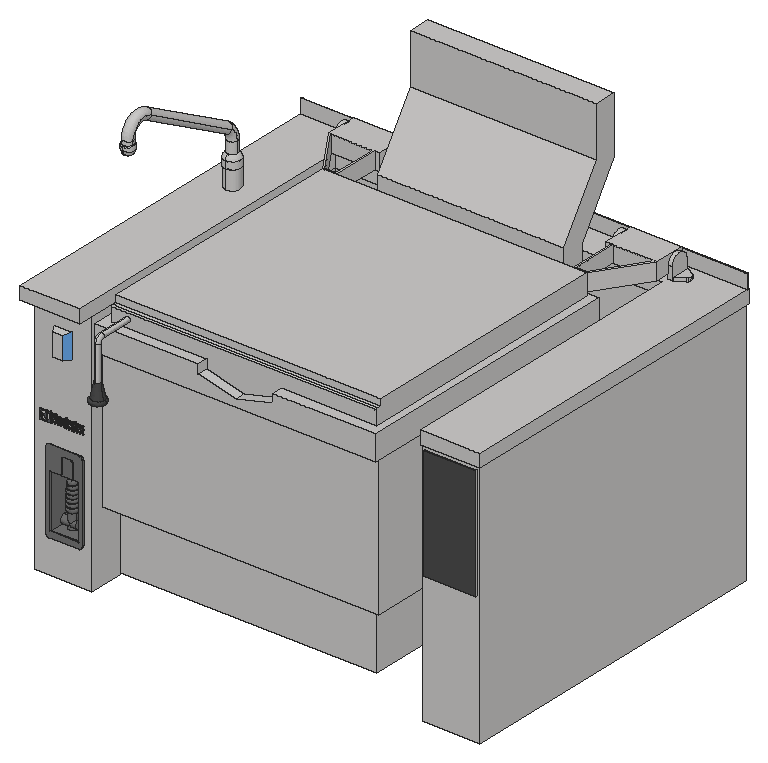
Revit family "QF_ELECTROLUXPROFESSIONAL_586956_PFET09GLCS", category Specialty Equipment, Revit 2018 (continued)
Automatic sketch dimensions
  Extrusion 27 sketch curve to Extrusion 27 sketch curve = 0.954 mm  (x2)
  Extrusion 27 sketch curve to Extrusion 27 sketch curve = 1.017 mm
  Extrusion 27 sketch curve to Extrusion 27 sketch curve = 0.624 mm  (x2)
  Extrusion 27 sketch curve to Extrusion 27 sketch curve = 0.016 mm  (x2)
  Extrusion 27 sketch curve to Extrusion 27 sketch curve = 0.709 mm  (x2)
  Extrusion 27 sketch curve to Extrusion 27 sketch curve = 0.602 mm
  Extrusion 27 sketch curve to Extrusion 27 sketch curve = 0.607 mm
  Extrusion 27 sketch curve to Extrusion 27 sketch curve = 0.372 mm  (x2)
  Extrusion 27 sketch curve to Extrusion 27 sketch curve = 1.696 mm
  Extrusion 27 sketch curve to Extrusion 27 sketch curve = 1.752 mm
  Extrusion 27 sketch curve to Extrusion 27 sketch curve = 0.182 mm  (x2)
  Extrusion 27 sketch curve to Extrusion 27 sketch curve = 0.93 mm
  Extrusion 27 sketch curve to Extrusion 27 sketch curve = 0.155 mm  (x2)
  Extrusion 27 sketch curve to Extrusion 27 sketch curve = 0.996 mm
  Extrusion 27 sketch curve to Extrusion 27 sketch curve = 0.297 mm  (x2)
  Extrusion 27 sketch curve to Extrusion 27 sketch curve = 2.359 mm
  Extrusion 27 sketch curve to Extrusion 27 sketch curve = 0.839 mm
  Extrusion 27 sketch curve to Extrusion 27 sketch curve = 0.892 mm  (x2)
  Extrusion 27 sketch curve to Extrusion 27 sketch curve = 0.563 mm
  Extrusion 27 sketch curve to Extrusion 27 sketch curve = 1.037 mm
  Extrusion 27 sketch curve to Extrusion 27 sketch curve = 0.531 mm  (x2)
  Extrusion 27 sketch curve to Extrusion 27 sketch curve = 0.068 mm  (x2)
  Extrusion 27 sketch curve to Extrusion 27 sketch curve = 0.203 mm
  Extrusion 27 sketch curve to Extrusion 27 sketch curve = 0.107 mm  (x2)
  Extrusion 27 sketch curve to Extrusion 27 sketch curve = 1.305 mm
  Extrusion 27 sketch curve to Extrusion 27 sketch curve = 1.058 mm
  Extrusion 27 sketch curve to Extrusion 27 sketch curve = 0.365 mm
  Extrusion 27 sketch curve to Extrusion 27 sketch curve = 0.15 mm  (x2)
  Extrusion 27 sketch curve to Extrusion 27 sketch curve = 0.475 mm
  Extrusion 27 sketch curve to Extrusion 27 sketch curve = 0.292 mm
  Extrusion 27 sketch curve to Extrusion 27 sketch curve = 0.434 mm  (x2)
  Extrusion 27 sketch curve to Extrusion 27 sketch curve = 0.385 mm  (x2)
  Extrusion 27 sketch curve to Extrusion 27 sketch curve = 2.117 mm
  Extrusion 27 sketch curve to Extrusion 27 sketch curve = 0.295 mm  (x2)
  Extrusion 27 sketch curve to Extrusion 27 sketch curve = 0.968 mm
  Extrusion 27 sketch curve to Extrusion 27 sketch curve = 3.826 mm
  Extrusion 27 sketch curve to Extrusion 27 sketch curve = 1.018 mm  (x2)
  Extrusion 27 sketch curve to Extrusion 27 sketch curve = 4.718 mm
  Extrusion 27 sketch curve to Extrusion 27 sketch curve = 2.967 mm
  Extrusion 27 sketch curve to Extrusion 27 sketch curve = 1.662 mm
  Extrusion 27 sketch curve to Extrusion 27 sketch curve = 1.626 mm  (x3)
  Extrusion 27 sketch curve to Extrusion 27 sketch curve = 1.65 mm
  Extrusion 27 sketch curve to Extrusion 27 sketch curve = 1.192 mm
  Extrusion 27 sketch curve to Extrusion 27 sketch curve = 2.57 mm  (x2)
  Extrusion 27 sketch curve to Extrusion 27 sketch curve = 3.444 mm  (x2)
  Extrusion 27 sketch curve to Extrusion 27 sketch curve = 1.343 mm  (x2)
  Extrusion 27 sketch curve to Extrusion 27 sketch curve = 1.353 mm  (x2)
  Extrusion 27 sketch curve to Extrusion 27 sketch curve = 0.027 mm  (x2)
  Extrusion 27 sketch curve to Extrusion 27 sketch curve = 0.395 mm  (x2)
  Extrusion 27 sketch curve to Extrusion 27 sketch curve = 0.329 mm  (x2)
  Extrusion 27 sketch curve to Extrusion 27 sketch curve = 0.425 mm  (x2)
  Extrusion 27 sketch curve to Extrusion 27 sketch curve = 0.051 mm  (x2)
  Extrusion 27 sketch curve to Extrusion 27 sketch curve = 0.495 mm  (x2)
  Extrusion 27 sketch curve to Extrusion 27 sketch curve = 0.267 mm  (x2)
  Extrusion 27 sketch curve to Extrusion 27 sketch curve = 1.40 mm
  Extrusion 27 sketch curve to Extrusion 27 sketch curve = 5.233 mm
  Extrusion 27 sketch curve to Extrusion 27 sketch curve = 2.062 mm
  plane 3 "LEFT" to Extrusion 28 sketch curve = 43.40 mm
  Extrusion 28 sketch curve to Extrusion 28 sketch curve = 82.00 mm
  plane 7 to Extrusion 28 sketch curve = 105.944 mm
  Extrusion 28 sketch curve to Extrusion 28 sketch curve = 195.00 mm
  Extrusion 29 sketch curve to plane 6 "TOP" = 0.00 mm
  Extrusion 29 sketch curve to plane 1 "BACK" = 0.00 mm
  Extrusion 29 sketch curve to Extrusion 29 sketch curve = 2.00 mm
  plane 6 "TOP" to Extrusion 29 sketch curve = 37.998 mm
  radius of Sweep 5 sketch curve = 6.119 mm
  radius of Extrusion 22 sketch curve = 6.35 mm  (x2)
  radius of Extrusion 22 sketch curve = 12.70 mm
  radius of Extrusion 23 sketch curve = 6.35 mm
  radius of curve 23 = 25.00 mm
  radius of Extrusion 27 sketch curve = 2.453 mm
  radius of Extrusion 27 sketch curve = 1.557 mm
  radius of Extrusion 27 sketch curve = 1.468 mm
  radius of Extrusion 27 sketch curve = 2.451 mm
Nested families
  nested 1: "QF_ELECTROLUXPROFESSIONAL_RubSprint" at (80, -330.346, 900), type "QF_ELECTROLUXPROFESSIONAL_RubSprint"
  nested 2: "QF_ELECTROLUXPROFESSIONAL_SprayGun" at (80.4, -837, 291.944), type "QF_ELECTROLUXPROFESSIONAL_SprayGun"
Connectors
  electrical at (1121.204, 5, 320), driven by "Volts"
    settings: on Extrusion 23, index 1, voltage 230 V, apparent load 200 VA, apparent load phase1 0 VA, apparent load phase2 0 VA, apparent load phase3 0 VA, power factor 1, load classification "Other", number of poles 1, system type 30, power factor state 1, is connector primary yes, connector utility no, sub classification motor no, connector description "Electrical Connection"
  piping at (106.204, 5, 395), diameter 12.7
    settings: on Extrusion 22, index 2, connector inside diameter 1/2", connector length 0.00 mm, flow factor 0, pipe flow 0 GPM, pressure drop 0.00 psi, fitting loss kfactor 0, connector angle 0.00°, fixture units 0, engagement length 0.00 mm, angle of deflection 0.00°, flow configuration 1, flow direction 1, fitting loss method 0, system type 20, joint type 0, gender type 0, connector reference index -1, connector utility 0, adjustable connector no, is connector primary yes, connector description "Cold Water Inlet"
  piping at (46.204, 5, 395), diameter 12.7
    settings: on Extrusion 22, index 3, connector inside diameter 1/2", connector length 0.00 mm, flow factor 0, pipe flow 0 GPM, pressure drop 0.00 psi, fitting loss kfactor 0, connector angle 0.00°, fixture units 0, engagement length 0.00 mm, angle of deflection 0.00°, flow configuration 1, flow direction 1, fitting loss method 0, system type 19, joint type 0, gender type 0, connector reference index -1, connector utility 0, adjustable connector no, is connector primary no, connector description "Hot Water Inlet"
  piping at (76.112, 5, 345), diameter 25.4
    settings: on Extrusion 22, index 4, connector inside diameter 1", connector length 0.00 mm, flow factor 0, pipe flow 0 GPM, pressure drop 0.00 psi, fitting loss kfactor 0, connector angle 0.00°, fixture units 0, engagement length 0.00 mm, angle of deflection 0.00°, flow configuration 1, flow direction 1, fitting loss method 0, system type 7, joint type 0, gender type 0, connector reference index -1, connector utility 0, adjustable connector no, is connector primary no, connector description "Gas Connection"
Definition of nested family "QF_ELECTROLUXPROFESSIONAL_RubSprint"
  Reference planes
    plane 1 "Center (Front/Back)": y = 0
    plane 2: z = 0
    plane 3 "Center (Left/Right)": x = 0
  Forms (mm)
    Revolve 1, solid
      sketch origin (0, 0, 0) x (0, 1, 0) y (0, 0, 1)
        loop
          line (-21, 0) -> (0, 0) -> (0, 82.75) -> (-14.385, 82.75)
          arc (-14.385, 82.75) -> (-19.409, 76.68) -> (-22.385, 69.383) r 26
          line (-22.385, 69.383) -> (-22.385, 51.306) -> (-21, 50.388) -> (-21, 0)
        axis (0, 82.75) -> (0, 0)
      angle from 0 to 360
    Sweep 2, solid
      path origin (0, 0, 0) x (0, 1, 0) y (0, 0, 1)
        loop
          line (0, 82.75) -> (0, 113.75)
          arc (0, 113.75) -> (-5.44, 133.889) -> (-20.279, 148.551) r 40
          line (-20.279, 148.551) -> (-290.279, 301.55)
          arc (-290.279, 301.55) -> (-330.139, 301.31) -> (-349.999, 266.749) r 40
          line (-349.999, 266.749) -> (-349.999, 257.884)
      profile origin (0, 0, 98.25) x (0, -1, 0) y (1, 0, 0)
        loop
          circle (0, 0) r 13.5
    Revolve 3, solid
      sketch origin (0, 0, 0) x (0, 1, 0) y (0, 0, 1)
        loop
          line (-333.717, 244.264) -> (-333.717, 254.236)
          arc (-333.717, 254.236) -> (-334.434, 255.758) -> (-335.779, 256.77) r 3.5
          line (-335.779, 256.77) -> (-336.499, 257.884) -> (-349.999, 257.884) -> (-349.999, 233.05) -> (-339.2, 233.05)
          arc (-339.2, 233.05) -> (-338.052, 233.411) -> (-337.32, 234.365) r 2
          line (-337.32, 234.365) -> (-333.717, 244.264)
        axis (-349.999, 257.884) -> (-349.999, 233.05)
      angle from 0 to 360
  Lines and regions (mm)
    symbolic lines
      curve 1: arc (-13.5, -17.856, 0) -> (0, 22.385, 0) -> (13.5, -17.856, 0) r 22.385
      curve 2: arc (-13.5, 0, 0) -> (0, 13.5, 0) -> (13.5, 0, 0) r 13.5
      curve 3: arc (-13.5, -349.999, 0) -> (0, -363.499, 0) -> (13.5, -349.999, 0) r 13.5
      curve 4: arc (-13.5, -340.897, 0) -> (0, -366.281, 0) -> (13.5, -340.897, 0) r 16.282
      curve 5: line (13.5, -349.999, 0) -> (13.5, 0, 0)
      curve 6: line (-13.5, -349.999, 0) -> (-13.5, 0, 0)
  Dimensions and locks
    aligned and locked: level to plane 2
Definition of nested family "QF_ELECTROLUXPROFESSIONAL_SprayGun"
  Reference planes
    plane 1 "Center (Front/Back)": y = 0
    plane 2: z = 0
    plane 3 "SGy": x = 13
    plane 4 "AxeZ": y = -45
    plane 5 "Center (Left/Right)": x = 4
    plane 6 "Center (Top/Right)": z = 112.5
  Forms (mm)
    Revolve 1, solid
      sketch origin (0, -45, 0) x (0, 0, 1) y (-1, 0, 0)
        loop
          line (73.98, -1.423) -> (33.98, -1.423) -> (33.98, -13) -> (151.7, -13) -> (151.7, -4.362)
          arc (151.7, -4.362) -> (147.093, -1.396) -> (141.64, -1.926) r 8.345
          arc (141.64, -1.926) -> (140.226, -2.024) -> (139.103, -1.16) r 2
          arc (139.103, -1.16) -> (138.832, -0.814) -> (138.493, -0.536) r 2
          arc (138.493, -0.536) -> (134.77, 0.557) -> (131.061, -0.581) r 6.745
          arc (131.061, -0.581) -> (129.812, -0.914) -> (128.62, -0.414) r 2
          arc (128.62, -0.414) -> (124.347, 1.338) -> (119.917, 0.035) r 6.972
          arc (119.917, 0.035) -> (118.79, -0.341) -> (117.648, -0.011) r 2
          arc (117.648, -0.011) -> (113.81, 1.188) -> (109.921, 0.166) r 7.275
          arc (109.921, 0.166) -> (108.725, -0.109) -> (107.594, 0.367) r 2
          arc (107.594, 0.367) -> (103.55, 1.928) -> (99.427, 0.587) r 6.475
          arc (99.427, 0.587) -> (98.262, 0.173) -> (97.076, 0.524) r 2
          arc (97.076, 0.524) -> (92.711, 1.941) -> (88.277, 0.758) r 8.094
          arc (88.277, 0.758) -> (87.212, 0.464) -> (86.153, 0.781) r 2
          arc (86.153, 0.781) -> (79.633, 2.075) -> (73.98, -1.423) r 9.075
        axis (151.7, -13) -> (33.98, -13)
      angle from 0 to 360
    Revolve 2, solid
      sketch origin (0, -45, 0) x (0, 0, 1) y (-1, 0, 0)
        loop
          line (47.58, 11.558) -> (40.98, 11.558) -> (40.98, 9.577) -> (35.98, 9.577) -> (35.98, -30.423) -> (40.98, -30.423) -> (40.98, -35.423) -> (47.58, -35.423) -> (47.58, 11.558)
        axis (47.58, 11.558) -> (47.58, -35.423)
      angle from 0 to 360
    Extrusion 3, solid
      sketch origin (0, -45, 0) x (1, 0, 0) y (0, 1, 0)
        loop
          line (21.638, 0) -> (17.319, 7.481) -> (8.681, 7.481) -> (4.362, 0) -> (8.681, -7.481) -> (17.319, -7.481) -> (21.638, 0)
      from 151.7 to 160.974
    Extrusion 4, solid
      sketch origin (0, 0, 0) x (1, 0, 0) y (0, 0, 1)
        loop
          arc (-45, 10) -> (-42.071, 2.929) -> (-35, 0) r 10
          line (-35, 0) -> (43, 0)
          arc (43, 0) -> (50.071, 2.929) -> (53, 10) r 10
          line (53, 10) -> (53, 215)
          arc (53, 215) -> (50.071, 222.071) -> (43, 225) r 10
          line (43, 225) -> (-35, 225)
          arc (-35, 225) -> (-42.071, 222.071) -> (-45, 215) r 10
          line (-45, 215) -> (-45, 10)
        loop
          line (-35, 162) -> (-35, 16) -> (43, 16) -> (43, 162) -> (29, 162) -> (29, 199)
          arc (29, 199) -> (26.657, 204.657) -> (21, 207) r 8
          line (21, 207) -> (5, 207)
          arc (5, 207) -> (-0.657, 204.657) -> (-3, 199) r 8
          line (-3, 199) -> (-3, 162) -> (-35, 162)
      from 63 to 60
    Extrusion 5, solid
      sketch origin (0, 0, 0) x (1, 0, 0) y (0, 0, 1)
        loop
          line (-35, 16) -> (43, 16) -> (43, 162) -> (29, 162) -> (29, 199)
          arc (29, 199) -> (26.657, 204.657) -> (21, 207) r 8
          line (21, 207) -> (5, 207)
          arc (5, 207) -> (-0.657, 204.657) -> (-3, 199) r 8
          line (-3, 199) -> (-3, 162) -> (-35, 162) -> (-35, 16)
        loop
          line (31, 164) -> (31, 199)
          arc (31, 199) -> (28.071, 206.071) -> (21, 209) r 10
          line (21, 209) -> (5, 209)
          arc (5, 209) -> (-2.071, 206.071) -> (-5, 199) r 10
          line (-5, 199) -> (-5, 164) -> (-37, 164) -> (-37, 14) -> (45, 14) -> (45, 164) -> (31, 164)
      from 0 to 60
    Extrusion 6, solid
      sketch origin (0, 0, 0) x (1, 0, 0) y (0, 0, 1)
        loop
          line (-37, 164) -> (-37, 14) -> (45, 14) -> (45, 164) -> (-37, 164)
      from 6 to 0
    Extrusion 7, solid
      sketch origin (0, 0, 0) x (1, 0, 0) y (0, 0, 1)
        loop
          line (28, 160.974) -> (28, 198)
          arc (28, 198) -> (25.657, 203.657) -> (20, 206) r 8
          line (20, 206) -> (6, 206)
          arc (6, 206) -> (0.343, 203.657) -> (-2, 198) r 8
          line (-2, 198) -> (-2, 160.974) -> (28, 160.974)
      from 0 to 63
  Dimensions and locks
    equal spacing: Extrusion 4, plane 5 "Center (Left/Right)", Extrusion 4
    Extrusion 4 to Extrusion 4 = 225.00 mm
    Extrusion 4 to Extrusion 4 = 98.00 mm
    aligned and locked: level to plane 2
  Automatic sketch dimensions
    plane 3 "SGy" to Revolve 1 sketch curve = 0.00 mm  (x2)
    plane 5 "Center (Left/Right)" to Revolve 1 sketch curve = 2.577 mm
    level to Revolve 1 sketch curve = 33.98 mm
    Revolve 1 sketch curve to Revolve 1 sketch curve = 40.00 mm
    Revolve 1 sketch curve to plane 5 "Center (Left/Right)" = 2.854 mm
    Revolve 1 sketch curve to Revolve 1 sketch curve = 7.27 mm
    Revolve 1 sketch curve to Revolve 1 sketch curve = 5.984 mm
    Revolve 1 sketch curve to plane 5 "Center (Left/Right)" = 2.15 mm
    Revolve 1 sketch curve to Revolve 1 sketch curve = 5.262 mm
    Revolve 1 sketch curve to Revolve 1 sketch curve = 5.712 mm
    Revolve 1 sketch curve to plane 5 "Center (Left/Right)" = 0.545 mm
    Revolve 1 sketch curve to Revolve 1 sketch curve = 5.167 mm
    Revolve 1 sketch curve to Revolve 1 sketch curve = 5.522 mm
    Revolve 1 sketch curve to plane 5 "Center (Left/Right)" = 2.085 mm
    Revolve 1 sketch curve to Revolve 1 sketch curve = 4.746 mm
    Revolve 1 sketch curve to Revolve 1 sketch curve = 5.106 mm
    Revolve 1 sketch curve to plane 5 "Center (Left/Right)" = 1.624 mm
    Revolve 1 sketch curve to Revolve 1 sketch curve = 5.239 mm
    Revolve 1 sketch curve to Revolve 1 sketch curve = 5.96 mm
    Revolve 1 sketch curve to plane 5 "Center (Left/Right)" = 2.187 mm
    Revolve 1 sketch curve to Revolve 1 sketch curve = 4.862 mm
    plane 5 "Center (Left/Right)" to Revolve 1 sketch curve = 1.788 mm
    Revolve 1 sketch curve to Revolve 1 sketch curve = 2.59 mm
    Revolve 1 sketch curve to Revolve 1 sketch curve = 3.403 mm
    plane 3 "SGy" to Revolve 1 sketch curve = 3.493 mm
    Revolve 1 sketch curve to Revolve 1 sketch curve = 4.325 mm
    Revolve 1 sketch curve to Revolve 1 sketch curve = 6.57 mm
    Revolve 1 sketch curve to plane 5 "Center (Left/Right)" = 0.362 mm
    plane 5 "Center (Left/Right)" to Revolve 1 sketch curve = 3.891 mm
    plane 5 "Center (Left/Right)" to Revolve 1 sketch curve = 5.081 mm
    plane 5 "Center (Left/Right)" to Revolve 1 sketch curve = 5.658 mm
    plane 5 "Center (Left/Right)" to Revolve 1 sketch curve = 5.884 mm
    plane 5 "Center (Left/Right)" to Revolve 1 sketch curve = 6.173 mm
    plane 5 "Center (Left/Right)" to Revolve 1 sketch curve = 6.464 mm
    Revolve 1 sketch curve to Revolve 1 sketch curve = 7.72 mm
    Revolve 1 sketch curve to Revolve 1 sketch curve = 0.00 mm  (x12)
    Revolve 1 sketch curve to Revolve 1 sketch curve = 1.57 mm
    Revolve 2 sketch curve to plane 3 "SGy" = 17.423 mm
    level to Revolve 2 sketch curve = 35.98 mm
    Revolve 2 sketch curve to Revolve 2 sketch curve = 5.00 mm  (x3)
    Revolve 2 sketch curve to Revolve 2 sketch curve = 6.60 mm
    plane 5 "Center (Left/Right)" to Revolve 2 sketch curve = 13.577 mm
    Revolve 2 sketch curve to Revolve 2 sketch curve = 1.981 mm
    Revolve 2 sketch curve to Revolve 2 sketch curve = 0.00 mm  (x2)
    Revolve 2 sketch curve to Revolve 2 sketch curve = 4.326 mm
    plane 4 "AxeZ" to Extrusion 3 sketch curve = 0.00 mm  (x2)
    Extrusion 3 sketch curve to plane 5 "Center (Left/Right)" = 0.362 mm
    plane 3 "SGy" to Extrusion 3 sketch curve = 4.319 mm  (x2)
    Extrusion 3 sketch curve to plane 3 "SGy" = 4.319 mm  (x2)
    Extrusion 3 sketch curve to Extrusion 3 sketch curve = 4.319 mm
    plane 4 "AxeZ" to Extrusion 3 sketch curve = 7.481 mm
    Extrusion 3 sketch curve to plane 4 "AxeZ" = 7.481 mm
    Extrusion 4 sketch curve to level = 0.00 mm
    level to Extrusion 4 sketch curve = 10.00 mm
    plane 5 "Center (Left/Right)" to Extrusion 4 sketch curve = 49.00 mm
    Extrusion 4 sketch curve to Extrusion 4 sketch curve = 10.00 mm  (x2)
    Extrusion 4 sketch curve to Extrusion 4 sketch curve = 0.00 mm  (x3)
    plane 5 "Center (Left/Right)" to Extrusion 4 sketch curve = 7.00 mm
    Extrusion 4 sketch curve to plane 5 "Center (Left/Right)" = 1.00 mm
    Extrusion 4 sketch curve to plane 3 "SGy" = 8.00 mm
    Extrusion 4 sketch curve to plane 3 "SGy" = 16.00 mm
    Extrusion 4 sketch curve to Extrusion 4 sketch curve = 14.00 mm  (x2)
    Extrusion 4 sketch curve to Extrusion 4 sketch curve = 6.00 mm
    Extrusion 4 sketch curve to Extrusion 4 sketch curve = 146.00 mm
    Extrusion 4 sketch curve to Extrusion 4 sketch curve = 37.00 mm
    Extrusion 4 sketch curve to Extrusion 4 sketch curve = 16.00 mm
    Extrusion 5 sketch curve to Extrusion 5 sketch curve = 0.00 mm  (x5)
    level to Extrusion 5 sketch curve = 14.00 mm
    plane 5 "Center (Left/Right)" to Extrusion 5 sketch curve = 41.00 mm
    Extrusion 5 sketch curve to Extrusion 5 sketch curve = 2.00 mm  (x6)
    plane 5 "Center (Left/Right)" to Extrusion 5 sketch curve = 9.00 mm
    Extrusion 5 sketch curve to plane 5 "Center (Left/Right)" = 1.00 mm
    Extrusion 5 sketch curve to plane 3 "SGy" = 8.00 mm
    Extrusion 5 sketch curve to Extrusion 5 sketch curve = 8.00 mm
    Extrusion 5 sketch curve to plane 3 "SGy" = 30.00 mm
    Extrusion 5 sketch curve to Extrusion 5 sketch curve = 146.00 mm
    Extrusion 5 sketch curve to Extrusion 5 sketch curve = 35.00 mm
    level to Extrusion 6 sketch curve = 14.00 mm
    plane 5 "Center (Left/Right)" to Extrusion 6 sketch curve = 41.00 mm
    Extrusion 6 sketch curve to plane 3 "SGy" = 32.00 mm
    Extrusion 6 sketch curve to Extrusion 6 sketch curve = 150.00 mm
    plane 5 "Center (Left/Right)" to Extrusion 7 sketch curve = 6.00 mm
    Extrusion 7 sketch curve to plane 5 "Center (Left/Right)" = 2.00 mm
    Extrusion 7 sketch curve to plane 3 "SGy" = 7.00 mm
    Extrusion 7 sketch curve to plane 3 "SGy" = 15.00 mm
    level to Extrusion 7 sketch curve = 160.974 mm
    Extrusion 7 sketch curve to Extrusion 7 sketch curve = 37.026 mm
